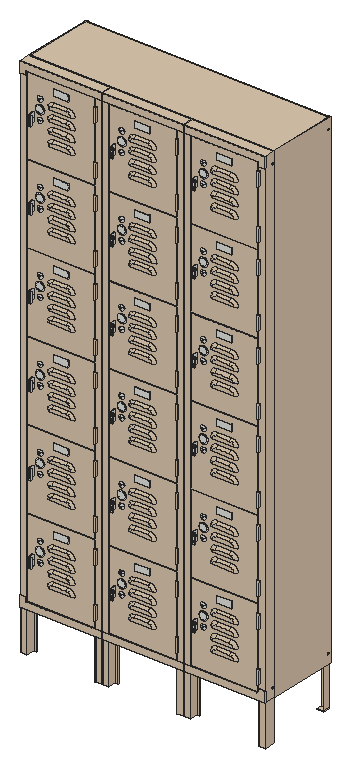
Revit family "Metal_Lockers-Salsbury_Industries-65000_66000_Series-3_Wide_Units", category Specialty Equipment, Revit 2023 (continued)
Nested families (in)
  nested 36: "Metal Locker Doors-12 inch with Latch Hasps" at (-0.01383, -5.555, 53.72076), type <- "Door Location D1", type "Six Tier Door - 6 foot"
  nested 37: "Metal Locker Doors-12 inch with Latch Hasps" at (-12.02717, -5.555, 53.72076), type <- "Door Location D1", type "Six Tier Door - 6 foot"
  nested 38: "Metal Locker Doors-12 inch with Latch Hasps" at (11.99976, -5.555, 65.37776), type <- "Door Location D1", visible <- "Top Row of Doors", type "Six Tier Door - 6 foot"
  nested 39: "Metal Locker Doors-12 inch with Latch Hasps" at (-0.01383, -5.555, 65.37776), type <- "Door Location D1", visible <- "Top Row of Doors", type "Six Tier Door - 6 foot"
  nested 40: "Metal Locker Doors-12 inch with Latch Hasps" at (-12.02717, -5.555, 65.37776), type <- "Door Location D1", visible <- "Top Row of Doors", type "Six Tier Door - 6 foot"
Definition of nested family "Metal Locker Legs - 3 Wide"
  Parameters (values of type "6" High - 45"W x 18"D")
    Width = 45.040"
    Visible = yes
    Version = "1.0 (11/30/15)"
    Type Comments = "Standard Metal Locker Legs"
    Primary Structure Material = none
    Model = "n/a"
    MasterFormat Title = ""
    MasterFormat Number = ""
    Manufacturer = "Salsbury Industries"
    Description = "45\"W x 6\" H x 18\"D"
    Depth = 18.010"
    Height = 6.000"
    Default Elevation = 0.000"
    Assembly Code = ""
  Types (6): name | Width | Visible | Type Comments | Description | Depth
    6" High - 36" W x 12" D | 36.040" | yes | "Standard Metal Locker Legs" | "36\"W x 6\" H x 12\"D" | 12.010"
    6" High - 36" W x 15" D | 36.040" | yes | "Standard Metal Locker Legs" | "36\"W x 6\" H x 15\"D" | 15.010"
    6" High - 36"W x 18"D | 36.040" | yes | "Standard Metal Locker Legs" | "36\"W x 6\" H x 18\"D" | 18.010"
    6" High - 45"W x 15"D | 45.040" | yes | "Standard Metal Locker Legs" | "45\"W x 6\" H x 15\"D" | 15.010"
    6" High - 45"W x 18"D | 45.040" | yes | "Standard Metal Locker Legs" | "45\"W x 6\" H x 18\"D" | 18.010"
    No Legs | 36.040" | no | "No Legs" | "" | 12.010"
  Reference planes (in)
    plane 1 "Center (Front/Back)": y = 0
    plane 2: z = 0
    plane 3 "Center (Left/Right)": x = 0
    plane 4 "Floor": z = 0
    plane 5 "Bottom of Unit": z = 6
    plane 6 "Left Side of Unit": x = -22.52
    plane 7 "Right Side of Unit": x = 22.52
    plane 8 "Back of Unit": y = 9.005
    plane 9 "Front of Unit": y = -9.005
    plane 10 "Right Side of Door Opening": x = 21.52
    plane 11 "Left Side of Door Opening": x = -21.52
    plane 12 "Top of back legs": z = 6.185
    plane 13 "Back Edge of Front Facing": y = -7.417
    plane 14 "Inside Edge of Front Leg": x = -21.08
    plane 15 "Inside Edge of Right Leg": x = 21.08
    plane 16: y = -7.82
    plane 17 "Back Edge of Rear Legs": y = 8.895
    plane 18 "Right Edge of Rear Right Leg": x = 22.4
    plane 19 "Left Edge or Rear Left Leg": x = -22.4
    plane 20: y = 7.895
    plane 21 "Inside Edge or Rear Right Leg": x = 21.4
    plane 22 "Inside Edge or Left Rear Leg": x = -21.4
    plane 23: x = 7.50667
    plane 24: x = -7.50667
  Forms (in)
    Extrusion 1, solid, material <- "Primary Structure Material", visible <- "Visible"
      sketch origin (0, 0, 0) x (0, -1, 0) y (1, 0, 0)
        loop
          line (7.417, 22.52) -> (7.417, 22.46) -> (8.945, 22.46) -> (8.945, 21.58) -> (7.76, 21.58) -> (7.76, 21.08) -> (7.82, 21.08) -> (7.82, 21.52) -> (9.005, 21.52) -> (9.005, 22.52) -> (7.417, 22.52)
      from 0 to 6
    Extrusion 2, solid, material <- "Primary Structure Material", visible <- "Visible"
      sketch origin (0, 0, 0) x (0, -1, 0) y (1, 0, 0)
        loop
          line (7.417, -22.52) -> (9.005, -22.52) -> (9.005, -21.52) -> (7.82, -21.52) -> (7.82, -21.08) -> (7.76, -21.08) -> (7.76, -21.58) -> (8.945, -21.58) -> (8.945, -22.46) -> (7.417, -22.46) -> (7.417, -22.52)
      from 0 to 6
    Extrusion 3, solid, material <- "Primary Structure Material", visible <- "Visible"
      sketch origin (0, 0, 0) x (0, -1, 0) y (1, 0, 0)
        loop
          line (-8.895, 22.4) -> (-8.895, 21.4) -> (-8.835, 21.4) -> (-8.835, 22.34) -> (-7.895, 22.34) -> (-7.895, 22.4) -> (-8.895, 22.4)
      from 0.06 to 6.185
    Extrusion 4, solid, material <- "Primary Structure Material", visible <- "Visible"
      sketch origin (0, 0, 0) x (0, -1, 0) y (1, 0, 0)
        loop
          line (-8.895, 22.4) -> (-8.895, 21.4) -> (-7.895, 21.4) -> (-7.895, 22.4) -> (-8.895, 22.4)
      from 0 to 0.06
    Extrusion 5, solid, material <- "Primary Structure Material", visible <- "Visible"
      sketch origin (0, 0, 0) x (0, -1, 0) y (1, 0, 0)
        loop
          line (-8.895, -22.4) -> (-7.895, -22.4) -> (-7.895, -22.34) -> (-8.835, -22.34) -> (-8.835, -21.4) -> (-8.895, -21.4) -> (-8.895, -22.4)
      from 0.06 to 6.185
    Extrusion 6, solid, material <- "Primary Structure Material", visible <- "Visible"
      sketch origin (0, 0, 0) x (0, -1, 0) y (1, 0, 0)
        loop
          line (-8.895, -22.4) -> (-7.895, -22.4) -> (-7.895, -21.4) -> (-8.895, -21.4) -> (-8.895, -22.4)
      from 0 to 0.06
    Extrusion 7, solid, material <- "Primary Structure Material", visible <- "Visible"
      sketch origin (12, 0, 0) x (0, -1, 0) y (1, 0, 0)
        loop
          line (7.417, -19.50667) -> (9.005, -19.50667) -> (9.005, -18.50667) -> (7.82, -18.50667) -> (7.82, -18.06667) -> (7.76, -18.06667) -> (7.76, -18.56667) -> (8.945, -18.56667) -> (8.945, -19.44667) -> (7.417, -19.44667) -> (7.417, -19.50667)
      from 0 to 6
    Extrusion 8, solid, material <- "Primary Structure Material", visible <- "Visible"
      sketch origin (24.04, 0, 0) x (0, -1, 0) y (1, 0, 0)
        loop
          line (7.417, -16.53333) -> (9.005, -16.53333) -> (9.005, -15.53333) -> (7.82, -15.53333) -> (7.82, -15.09333) -> (7.76, -15.09333) -> (7.76, -15.59333) -> (8.945, -15.59333) -> (8.945, -16.47333) -> (7.417, -16.47333) -> (7.417, -16.53333)
      from 0 to 6
    Extrusion 9, solid, material <- "Primary Structure Material", visible <- "Visible"
      sketch origin (-12, 0, 0) x (0, -1, 0) y (1, 0, 0)
        loop
          line (7.417, 19.50667) -> (7.417, 19.44667) -> (8.945, 19.44667) -> (8.945, 18.56667) -> (7.76, 18.56667) -> (7.76, 18.06667) -> (7.82, 18.06667) -> (7.82, 18.50667) -> (9.005, 18.50667) -> (9.005, 19.50667) -> (7.417, 19.50667)
      from 0 to 6
    Extrusion 10, solid, material <- "Primary Structure Material", visible <- "Visible"
      sketch origin (-24.04, 0, 0) x (0, -1, 0) y (1, 0, 0)
        loop
          line (7.417, 16.53333) -> (7.417, 16.47333) -> (8.945, 16.47333) -> (8.945, 15.59333) -> (7.76, 15.59333) -> (7.76, 15.09333) -> (7.82, 15.09333) -> (7.82, 15.53333) -> (9.005, 15.53333) -> (9.005, 16.53333) -> (7.417, 16.53333)
      from 0 to 6
  Dimensions and locks (in)
    equal spacing: plane 6 "Left Side of Unit", plane 3 "Center (Left/Right)", plane 7 "Right Side of Unit"
    "Width": plane 6 "Left Side of Unit" to plane 7 "Right Side of Unit"
    "Height": plane 5 "Bottom of Unit" to plane 4 "Floor"
    equal spacing: plane 9 "Front of Unit", plane 1 "Center (Front/Back)", plane 8 "Back of Unit"
    "Depth": plane 9 "Front of Unit" to plane 8 "Back of Unit"
    plane 12 "Top of back legs" to plane 5 "Bottom of Unit" = 0.185"
    plane 6 "Left Side of Unit" to plane 11 "Left Side of Door Opening" = 1.000"
    plane 10 "Right Side of Door Opening" to plane 7 "Right Side of Unit" = 1.000"
    locked: plane 9 "Front of Unit" to plane 13 "Back Edge of Front Facing" at 1.588
    plane 11 "Left Side of Door Opening" to plane 14 "Inside Edge of Front Leg" = 0.440"
    plane 15 "Inside Edge of Right Leg" to plane 10 "Right Side of Door Opening" = 0.440"
    plane 9 "Front of Unit" to plane 16 = 1.185"
    plane 15 "Inside Edge of Right Leg" to plane 21 "Inside Edge or Rear Right Leg" to plane 10 "Right Side of Door Opening" to plane 18 "Right Edge of Rear Right Leg" to plane 7 "Right Side of Unit" = 0.320", 0.120", 0.880", 0.120"
    plane 6 "Left Side of Unit" to plane 19 "Left Edge or Rear Left Leg" to plane 11 "Left Side of Door Opening" to plane 22 "Inside Edge or Left Rear Leg" to plane 14 "Inside Edge of Front Leg" = 0.120", 0.880", 0.120", 0.320"
    plane 20 to plane 17 "Back Edge of Rear Legs" to plane 8 "Back of Unit" = 1.000", 0.110"
    equal spacing: plane 6 "Left Side of Unit", plane 24, plane 23, plane 7 "Right Side of Unit"
    aligned and locked: level to plane 2
    aligned and locked: Extrusion 3 to Extrusion 4
    aligned and locked: Extrusion 6 to Extrusion 5
    aligned and locked: Extrusion 3 to plane 18 "Right Edge of Rear Right Leg"
    aligned and locked: Extrusion 3 to plane 17 "Back Edge of Rear Legs"
    aligned and locked: Extrusion 5 to plane 19 "Left Edge or Rear Left Leg"
    aligned and locked: plane 17 "Back Edge of Rear Legs" to Extrusion 5
    aligned and locked: plane 5 "Bottom of Unit" to Extrusion 2
    aligned and locked: Extrusion 1 to plane 5 "Bottom of Unit"
    aligned and locked: Extrusion 3 to plane 12 "Top of back legs"
    aligned and locked: plane 12 "Top of back legs" to Extrusion 5
  Automatic sketch dimensions
    plane 13 "Back Edge of Front Facing" to Extrusion 1 sketch curve = 0.000"
    Extrusion 1 sketch curve to plane 15 "Inside Edge of Right Leg" = 0.000"
    plane 16 to Extrusion 1 sketch curve = 0.000"
    Extrusion 1 sketch curve to plane 7 "Right Side of Unit" = 0.000"
    plane 9 "Front of Unit" to Extrusion 1 sketch curve = 0.000"
    Extrusion 1 sketch curve to plane 10 "Right Side of Door Opening" = 0.000"
    Extrusion 1 sketch curve to plane 16 = 0.060"
    Extrusion 1 sketch curve to plane 9 "Front of Unit" = 0.060"
    Extrusion 1 sketch curve to plane 10 "Right Side of Door Opening" = 0.060"
    plane 7 "Right Side of Unit" to Extrusion 1 sketch curve = 0.060"
    Extrusion 2 sketch curve to plane 13 "Back Edge of Front Facing" = 0.000"
    Extrusion 2 sketch curve to plane 14 "Inside Edge of Front Leg" = 0.000"
    Extrusion 2 sketch curve to plane 16 = 0.000"
    Extrusion 2 sketch curve to plane 6 "Left Side of Unit" = 0.000"
    Extrusion 2 sketch curve to plane 9 "Front of Unit" = 0.000"
    Extrusion 2 sketch curve to plane 11 "Left Side of Door Opening" = 0.000"
    plane 16 to Extrusion 2 sketch curve = 0.060"
    plane 9 "Front of Unit" to Extrusion 2 sketch curve = 0.060"
    Extrusion 2 sketch curve to plane 11 "Left Side of Door Opening" = 0.060"
    plane 6 "Left Side of Unit" to Extrusion 2 sketch curve = 0.060"
    plane 17 "Back Edge of Rear Legs" to Extrusion 3 sketch curve = 0.000"
    Extrusion 3 sketch curve to plane 21 "Inside Edge or Rear Right Leg" = 0.000"
    Extrusion 3 sketch curve to plane 18 "Right Edge of Rear Right Leg" = 0.000"
    plane 20 to Extrusion 3 sketch curve = 0.000"
    plane 17 "Back Edge of Rear Legs" to Extrusion 3 sketch curve = 0.060"
    plane 18 "Right Edge of Rear Right Leg" to Extrusion 3 sketch curve = 0.060"
    plane 17 "Back Edge of Rear Legs" to Extrusion 4 sketch curve = 0.000"
    Extrusion 4 sketch curve to plane 18 "Right Edge of Rear Right Leg" = 0.000"
    plane 20 to Extrusion 4 sketch curve = 0.000"
    Extrusion 4 sketch curve to plane 21 "Inside Edge or Rear Right Leg" = 0.000"
    Extrusion 5 sketch curve to plane 17 "Back Edge of Rear Legs" = 0.000"
    Extrusion 5 sketch curve to plane 22 "Inside Edge or Left Rear Leg" = 0.000"
    Extrusion 5 sketch curve to plane 19 "Left Edge or Rear Left Leg" = 0.000"
    Extrusion 5 sketch curve to plane 20 = 0.000"
    Extrusion 5 sketch curve to plane 17 "Back Edge of Rear Legs" = 0.060"
    Extrusion 5 sketch curve to plane 19 "Left Edge or Rear Left Leg" = 0.060"
    Extrusion 6 sketch curve to plane 17 "Back Edge of Rear Legs" = 0.000"
    Extrusion 6 sketch curve to plane 19 "Left Edge or Rear Left Leg" = 0.000"
    Extrusion 6 sketch curve to plane 20 = 0.000"
    Extrusion 6 sketch curve to plane 22 "Inside Edge or Left Rear Leg" = 0.000"
    plane 13 "Back Edge of Front Facing" to Extrusion 7 sketch curve = 0.000"
    plane 16 to Extrusion 7 sketch curve = 0.000"
    plane 9 "Front of Unit" to Extrusion 7 sketch curve = 0.000"
    Extrusion 7 sketch curve to plane 24 = 0.000"
    plane 16 to Extrusion 7 sketch curve = 0.060"
    plane 9 "Front of Unit" to Extrusion 7 sketch curve = 0.060"
    plane 24 to Extrusion 7 sketch curve = 0.060"
    plane 24 to Extrusion 7 sketch curve = 0.940"
    Extrusion 7 sketch curve to Extrusion 7 sketch curve = 0.060"
    Extrusion 7 sketch curve to Extrusion 7 sketch curve = 0.440"
    plane 13 "Back Edge of Front Facing" to Extrusion 8 sketch curve = 0.000"
    plane 16 to Extrusion 8 sketch curve = 0.000"
    plane 9 "Front of Unit" to Extrusion 8 sketch curve = 0.000"
    Extrusion 8 sketch curve to plane 23 = 0.000"
    plane 16 to Extrusion 8 sketch curve = 0.060"
    plane 9 "Front of Unit" to Extrusion 8 sketch curve = 0.060"
    plane 23 to Extrusion 8 sketch curve = 0.060"
    plane 23 to Extrusion 8 sketch curve = 0.940"
    Extrusion 8 sketch curve to Extrusion 8 sketch curve = 0.060"
    Extrusion 8 sketch curve to Extrusion 8 sketch curve = 0.440"
    plane 13 "Back Edge of Front Facing" to Extrusion 9 sketch curve = 0.000"
    plane 16 to Extrusion 9 sketch curve = 0.000"
    plane 9 "Front of Unit" to Extrusion 9 sketch curve = 0.000"
    Extrusion 9 sketch curve to plane 23 = 0.000"
    Extrusion 9 sketch curve to plane 16 = 0.060"
    Extrusion 9 sketch curve to plane 9 "Front of Unit" = 0.060"
    plane 23 to Extrusion 9 sketch curve = 0.060"
    plane 23 to Extrusion 9 sketch curve = 0.940"
    Extrusion 9 sketch curve to Extrusion 9 sketch curve = 0.060"
    Extrusion 9 sketch curve to Extrusion 9 sketch curve = 0.440"
    plane 13 "Back Edge of Front Facing" to Extrusion 10 sketch curve = 0.000"
    plane 16 to Extrusion 10 sketch curve = 0.000"
    plane 9 "Front of Unit" to Extrusion 10 sketch curve = 0.000"
    Extrusion 10 sketch curve to plane 24 = 0.000"
    Extrusion 10 sketch curve to plane 16 = 0.060"
    Extrusion 10 sketch curve to plane 9 "Front of Unit" = 0.060"
    plane 24 to Extrusion 10 sketch curve = 0.060"
    plane 24 to Extrusion 10 sketch curve = 0.940"
    Extrusion 10 sketch curve to Extrusion 10 sketch curve = 0.060"
    Extrusion 10 sketch curve to Extrusion 10 sketch curve = 0.440"
Definition of nested family "Metal Locker Doors-12 inch with Latch Hasps"
  Parameters (values of type "Six Tier Door - 6 foot")
    Width = 9.901"
    Visible = yes
    Primary Structure Material = none
    Louver Set Vertical Alignment = 2.731"
    Number Plate Alignment = 0.9375"
    Louver Width = 4.000"
    Hinge 2 Placement = 8.449"
    Hinge 1 Placement = 1.125"
    Height = 11.532"
    Hasp Plate Rivet Material = none
    Hasp Height = 1.438"
    Depth = 0.900"
    Default Elevation = 0.000"
  Types (4): name | Louver Set Vertical Alignment | Hinge 2 Placement | Height
    Four Tier Door - 6 foot | 5.710" | 14.142" | 17.360"
    Four Tier Door - 5 foot | 4.240" | 11.142" | 14.360"
    Five Tier Door - 5 foot | 2.826" | 8.188" | 11.463"
    Six Tier Door - 6 foot | 2.731" | 8.449" | 11.532"
  Reference planes (in)
    plane 1 "Center (Front/Back)": y = 0
    plane 2 "Bottom of Door": z = 0
    plane 3 "Center (Left/Right)": x = 0
    plane 4 "Center (Top/Bottom)": z = 5.766
    plane 5 "Top of Door": z = 11.532
    plane 6 "Right Side of Door": x = 4.9505
    plane 7 "Left Side of Door": x = -4.9505
    plane 8 "Front of Door": y = -0.45
    plane 9 "Back of Door": y = 0.45
    plane 10 "Top of Number Plate": z = 10.5945
    plane 11 "Top of Top Vent 1": z = 8.801
    plane 12 "Top of Top Vent 2": z = 7.176
    plane 13 "Top of Top Vent 3": z = 5.551
    plane 14 "Top of Top Vent 4": z = 3.926
    plane 15 "Top of Hasp Alignment": z = 6.485
    plane 16 "Bottom of Hasp Alignment": z = 5.047
    plane 17 "Left Side of Louvers": x = -2
    plane 18 "Right Side of Louvers": x = 2
    plane 19 "Front of Louvers": y = -0.6375
    plane 20: x = -1.094
    plane 21: x = 1.094
    plane 22: z = 9.5945
    plane 23 "Center Hasp": x = -1.7755
    plane 24 "Top of Hinge 2": z = 3.083
    plane 25 "Top of Hinge 1": z = 10.407
    plane 26 "Left Hasp Hole Align": x = -4.263
    plane 27 "Right Hasp Hole Align": x = -4.013
    plane 28 "Center Hasp Stud Align": z = 7.18441
    plane 29 "Top Hasp Stud Align": z = 8.60282
    plane 30 "Vertical Hasp Stud Align": x = -3.076
    plane 31: z = 7.801
    plane 32: z = 6.176
    plane 33: z = 4.551
    plane 34: z = 2.926
    plane 35 "Vertical Center Hasp Align": x = -4.13777
  Forms (in)
    Extrusion 1, solid, material <- "Primary Structure Material", visible <- "Visible"
      sketch origin (0, 0, 0) x (1, 0, 0) y (0, 0, 1)
        loop
          line (-4.9505, 11.532) -> (-4.9505, 0) -> (4.9505, 0) -> (4.9505, 11.532) -> (-4.9505, 11.532)
      from -0.45 to 0.45
    Extrusion 2, solid, material <- "Hasp Plate Rivet Material", visible <- "Visible", detail levels medium+fine
      sketch origin (0, -0.45, 0) x (1, 0, 0) y (0, 0, 1)
        loop
          arc (-1.06847, 10.55895) -> (-1.10166, 10.09621) -> (-1.06847, 9.63347) r 3.2426
          arc (-1.06847, 9.63347) -> (0, 9.59472) -> (1.06847, 9.63347) r 14.75
          arc (1.06847, 9.63347) -> (1.10166, 10.09621) -> (1.06847, 10.55895) r 3.2426
          arc (1.06847, 10.55895) -> (0, 10.59799) -> (-1.06847, 10.55895) r 14.63753
      from 0 to 0.03497
    Extrusion 3, void
      sketch origin (-1.7755, -0.13281, 0.04687) x (0, 0, -1) y (0, -1, 0)
        loop
          circle (-5.44277, -0.16411) r 0.2
      from -0.163 to 0.163
    Extrusion 4, solid, material <- "Primary Structure Material", visible <- "Visible", detail levels medium+fine
      sketch origin (0, 0, 10.407) x (0, -1, 0) y (1, 0, 0)
        loop
          line (0.45, 4.9505) -> (0.575, 4.9505)
          arc (0.575, 4.9505) -> (0.7, 5.0755) -> (0.575, 5.2005) r 0.125
          line (0.575, 5.2005) -> (0.45, 5.2005) -> (0.45, 4.9505)
      from 0 to -2
    Extrusion 5, solid, material <- "Primary Structure Material", visible <- "Visible", detail levels medium+fine
      sketch origin (0, 0, 3.083) x (0, -1, 0) y (1, 0, 0)
        loop
          line (0.45, 4.9505) -> (0.575, 4.9505)
          arc (0.575, 4.9505) -> (0.7, 5.0755) -> (0.575, 5.2005) r 0.125
          line (0.575, 5.2005) -> (0.45, 5.2005) -> (0.45, 4.9505)
      from 0 to -2
    Extrusion 6, void
      sketch origin (0, -0.45, 0) x (1, 0, 0) y (0, 0, 1)
        loop
          line (-4.263, 6.485) -> (-4.263, 5.047) -> (-4.013, 5.047) -> (-4.013, 6.485) -> (-4.263, 6.485)
      from -0.9 to 0
    Blend 7, solid, material <- "Primary Structure Material", visible <- "Visible"
      base sketch origin (0.875, -0.45, 0.208) x (1, 0, 0) y (0, 0, 1)
        loop
          line (-2.875, 7.593) -> (1.125, 7.593)
          arc (1.125, 7.593) -> (0.83211, 8.30011) -> (0.125, 8.593) r 1
          line (0.125, 8.593) -> (-1.875, 8.593)
          arc (-1.875, 8.593) -> (-2.58211, 8.30011) -> (-2.875, 7.593) r 1
      top sketch origin (0.875, -0.6375, 0.208) x (1, 0, 0) y (0, 0, 1)
        loop
          line (-2.44242, 7.593) -> (0.69242, 7.593)
          arc (0.69242, 7.593) -> (0.52766, 7.99075) -> (0.12992, 8.1555) r 0.5625
          line (0.12992, 8.1555) -> (-1.87992, 8.1555)
          arc (-1.87992, 8.1555) -> (-2.27766, 7.99075) -> (-2.44242, 7.593) r 0.5625
      from 0 to 0
    Blend 8, solid, material <- "Primary Structure Material", visible <- "Visible"
      base sketch origin (0.875, -0.45, 1.652) x (1, 0, 0) y (0, 0, 1)
        loop
          line (-2.875, 4.524) -> (1.125, 4.524)
          arc (1.125, 4.524) -> (0.83211, 5.23111) -> (0.125, 5.524) r 1
          line (0.125, 5.524) -> (-1.875, 5.524)
          arc (-1.875, 5.524) -> (-2.58211, 5.23111) -> (-2.875, 4.524) r 1
      top sketch origin (0.875, -0.6375, 1.652) x (1, 0, 0) y (0, 0, 1)
        loop
          line (-2.43346, 4.524) -> (0.68346, 4.524)
          arc (0.68346, 4.524) -> (0.52224, 4.91321) -> (0.13303, 5.07443) r 0.55043
          line (0.13303, 5.07443) -> (-1.88303, 5.07443)
          arc (-1.88303, 5.07443) -> (-2.27224, 4.91321) -> (-2.43346, 4.524) r 0.55043
      from 0 to 0
    Blend 9, solid, material <- "Primary Structure Material", visible <- "Visible"
      base sketch origin (0.875, -0.45, -3.042) x (1, 0, 0) y (0, 0, 1)
        loop
          line (-2.875, 7.593) -> (1.125, 7.593)
          arc (1.125, 7.593) -> (0.83211, 8.30011) -> (0.125, 8.593) r 1
          line (0.125, 8.593) -> (-1.875, 8.593)
          arc (-1.875, 8.593) -> (-2.58211, 8.30011) -> (-2.875, 7.593) r 1
      top sketch origin (0.875, -0.6375, -3.042) x (1, 0, 0) y (0, 0, 1)
        loop
          line (-2.44242, 7.593) -> (0.58842, 7.593)
          arc (0.58842, 7.593) -> (0.45412, 7.91721) -> (0.12992, 8.0515) r 0.4585
          line (0.12992, 8.0515) -> (-1.98392, 8.0515)
          arc (-1.98392, 8.0515) -> (-2.30812, 7.91721) -> (-2.44242, 7.593) r 0.4585
      from 0 to 0
    Blend 10, solid, material <- "Primary Structure Material", visible <- "Visible"
      base sketch origin (0.875, -0.45, -1.598) x (1, 0, 0) y (0, 0, 1)
        loop
          line (-2.875, 4.524) -> (1.125, 4.524)
          arc (1.125, 4.524) -> (0.83211, 5.23111) -> (0.125, 5.524) r 1
          line (0.125, 5.524) -> (-1.875, 5.524)
          arc (-1.875, 5.524) -> (-2.58211, 5.23111) -> (-2.875, 4.524) r 1
      top sketch origin (0.875, -0.6375, -1.598) x (1, 0, 0) y (0, 0, 1)
        loop
          line (-2.43234, 4.524) -> (0.68234, 4.524)
          arc (0.68234, 4.524) -> (0.52129, 4.9128) -> (0.13249, 5.07385) r 0.54985
          line (0.13249, 5.07385) -> (-1.88249, 5.07385)
          arc (-1.88249, 5.07385) -> (-2.27129, 4.9128) -> (-2.43234, 4.524) r 0.54985
      from 0 to 0
    Blend 11, solid, material <- "Hasp Plate Rivet Material", visible <- "Visible", detail levels medium+fine
      base sketch origin (0, -0.45, 0) x (1, 0, 0) y (0, 0, 1)
        loop
          circle (-3.076, 5.766) r 0.375
      top sketch origin (0, -0.45, 0) x (1, 0, 0) y (0, 0, 1)
        loop
          circle (-3.076, 5.766) r 0.09706
      from 0 to 0.03497
    Blend 12, solid, material <- "Hasp Plate Rivet Material", visible <- "Visible", detail levels medium+fine
      base sketch origin (0, -0.45, 2.83682) x (1, 0, 0) y (0, 0, 1)
        loop
          circle (-3.076, 5.766) r 0.375
      top sketch origin (0, -0.45, 2.83682) x (1, 0, 0) y (0, 0, 1)
        loop
          circle (-3.076, 5.766) r 0.09706
      from 0 to 0.03497
    Blend 13, solid, material <- "Hasp Plate Rivet Material", visible <- "Visible", detail levels medium+fine
      base sketch origin (0, -0.45, -0.16841) x (1, 0, 0) y (0, 0, 1)
        loop
          circle (-3.076, 7.35282) r 0.625
      top sketch origin (0, -0.45, -0.16841) x (1, 0, 0) y (0, 0, 1)
        loop
          circle (-3.076, 7.35282) r 0.58088
      from 0 to 0.03497
    Extrusion 14, solid, material <- "Hasp Plate Rivet Material", visible <- "Visible"
      sketch origin (0, 0, 5.047) x (0, -1, 0) y (1, 0, 0)
        loop
          line (-0.45, -4.07527) -> (-0.45, -4.13777) -> (1.2, -4.13777)
          arc (1.2, -4.13777) -> (1.24419, -4.11946) -> (1.2625, -4.07527) r 0.0625
          line (1.2625, -4.07527) -> (1.2625, -3.76277) -> (1.20579, -3.76277) -> (1.20579, -4.0127)
          arc (1.20579, -4.0127) -> (1.18746, -4.05694) -> (1.14322, -4.07527) r 0.06257
          line (1.14322, -4.07527) -> (-0.45, -4.07527)
      from 0 to 1.438
    Extrusion 15, solid, material <- "Hasp Plate Rivet Material", visible <- "Visible"
      sketch origin (0, 0, 5.047) x (0, -1, 0) y (1, 0, 0)
        loop
          line (-0.45, -4.20027) -> (1.2625, -4.20027) -> (1.2625, -4.13777) -> (-0.45, -4.13777) -> (-0.45, -4.20027)
      from 0 to 1.438
    Extrusion 16, void
      sketch origin (-4.013, 0, 0) x (0, 0, -1) y (0, -1, 0)
        loop
          circle (-5.766, 0.82219) r 0.375
      from 0 to 0.25
  Cuts and joins
    Extrusion 3, Extrusion 6 cuts Extrusion 1
    Extrusion 16 cuts Extrusion 14
    Extrusion 16 cuts Extrusion 15
  Lines and regions (in)
    symbolic lines
      curve 1: arc (-2, -0.45, 7.801) -> (-1.70711, -0.45, 8.50811) -> (-1, -0.45, 8.801) r 1
      curve 2: arc (2, -0.45, 7.801) -> (1.70711, -0.45, 8.50811) -> (1, -0.45, 8.801) r 1
      curve 3: arc (2, -0.45, 6.176) -> (1.70711, -0.45, 6.88311) -> (1, -0.45, 7.176) r 1
      curve 4: arc (-2, -0.45, 6.176) -> (-1.70711, -0.45, 6.88311) -> (-1, -0.45, 7.176) r 1
      curve 5: arc (2, -0.45, 4.551) -> (1.70711, -0.45, 5.25811) -> (1, -0.45, 5.551) r 1
      curve 6: arc (-2, -0.45, 4.551) -> (-1.70711, -0.45, 5.25811) -> (-1, -0.45, 5.551) r 1
      curve 7: arc (-2, -0.45, 2.926) -> (-1.70711, -0.45, 3.63311) -> (-1, -0.45, 3.926) r 1
      curve 8: arc (2, -0.45, 2.926) -> (1.70711, -0.45, 3.63311) -> (1, -0.45, 3.926) r 1
      curve 9: line (-2, -0.45, 2.926) -> (2, -0.45, 2.926)
      curve 10: line (1, -0.45, 3.926) -> (-1, -0.45, 3.926)
      curve 11: line (-2, -0.45, 4.551) -> (2, -0.45, 4.551)
      curve 12: line (1, -0.45, 5.551) -> (-1, -0.45, 5.551)
      curve 13: line (1, -0.45, 7.176) -> (-1, -0.45, 7.176)
      curve 14: line (-2, -0.45, 6.176) -> (2, -0.45, 6.176)
      curve 15: line (2, -0.45, 7.801) -> (-2, -0.45, 7.801)
      curve 16: line (1, -0.45, 8.801) -> (-1, -0.45, 8.801)
      curve 17: circle (-3.076, -0.45, 7.18441) r 0.625 normal (0, -1, 0)
      curve 18: circle (-3.076, -0.45, 8.60282) r 0.375 normal (0, -1, 0)
      curve 19: circle (-3.076, -0.45, 5.766) r 0.375 normal (0, -1, 0)
      curve 20: line (-4.263, -0.45, 6.485) -> (-3.76277, -0.45, 6.485)
      curve 21: line (-4.263, -0.45, 5.047) -> (-4.263, -0.45, 6.485)
      curve 22: line (-3.76277, -0.45, 5.047) -> (-4.263, -0.45, 5.047)
      curve 23: line (-3.76277, -0.45, 6.485) -> (-3.76277, -0.45, 5.047)
      curve 24: line (-4.20027, -0.44719, 5.047) -> (-4.20027, -1.2625, 5.047)
      curve 25: line (-4.20027, -1.2625, 5.047) -> (-3.76277, -1.2625, 5.047)
      curve 26: line (-3.76277, -1.2625, 5.047) -> (-3.76277, -1.20579, 5.047)
      curve 27: line (-3.76277, -1.20579, 5.047) -> (-4.0127, -1.20579, 5.047)
      curve 28: arc (-4.0127, -1.20579, 5.047) -> (-4.05694, -1.18746, 5.047) -> (-4.07527, -1.14322, 5.047) r 0.06257
      curve 29: line (-4.07527, -1.14322, 5.047) -> (-4.07527, -0.44719, 5.047)
      curve 30: line (-1.56742, -0.6375, 5.047) -> (-2, -0.45, 5.047)
      curve 31: line (1.55734, -0.6375, 5.047) -> (2.0161, -0.43865, 5.047)
      curve 32: line (1.55734, -0.6375, 5.047) -> (-1.56742, -0.6375, 5.047)
  Dimensions and locks (in)
    equal spacing: plane 5 "Top of Door", plane 4 "Center (Top/Bottom)", plane 2 "Bottom of Door"
    "Height": plane 5 "Top of Door" to plane 2 "Bottom of Door"
    equal spacing: plane 8 "Front of Door", plane 1 "Center (Front/Back)", plane 9 "Back of Door"
    "Depth": plane 8 "Front of Door" to plane 9 "Back of Door"
    equal spacing: plane 7 "Left Side of Door", plane 3 "Center (Left/Right)", plane 6 "Right Side of Door"
    "Width": plane 7 "Left Side of Door" to plane 6 "Right Side of Door"
    "Number Plate Alignment": plane 5 "Top of Door" to plane 10 "Top of Number Plate" to plane 22
    equal spacing: plane 17 "Left Side of Louvers", plane 3 "Center (Left/Right)", plane 18 "Right Side of Louvers"
    "Louver Width": plane 17 "Left Side of Louvers" to plane 18 "Right Side of Louvers"
    "Louver Set Vertical Alignment": plane 5 "Top of Door" to plane 11 "Top of Top Vent 1"
    plane 11 "Top of Top Vent 1" to plane 12 "Top of Top Vent 2" to plane 13 "Top of Top Vent 3" to plane 14 "Top of Top Vent 4" = 1.625", 1.625", 1.625"
    plane 29 "Top Hasp Stud Align" to plane 28 "Center Hasp Stud Align" to plane 15 "Top of Hasp Alignment" to plane 4 "Center (Top/Bottom)" to plane 16 "Bottom of Hasp Alignment" = 1.41841", 0.69941", 0.719", 0.719"
    "Hasp Height": plane 15 "Top of Hasp Alignment" to plane 16 "Bottom of Hasp Alignment"
    locked: plane 19 "Front of Louvers" to plane 8 "Front of Door" at 0.1875
    plane 20 to plane 3 "Center (Left/Right)" to plane 21 = 1.094" locked, 1.094" locked
    "Hinge 1 Placement": plane 5 "Top of Door" to plane 25 "Top of Hinge 1"
    "Hinge 2 Placement": plane 5 "Top of Door" to plane 24 "Top of Hinge 2"
    plane 7 "Left Side of Door" to plane 26 "Left Hasp Hole Align" to plane 27 "Right Hasp Hole Align" to plane 30 "Vertical Hasp Stud Align" = 0.6875" locked, 0.250" locked, 0.937" locked
    plane 11 "Top of Top Vent 1" to plane 31 = 1.000"
    plane 12 "Top of Top Vent 2" to plane 32 = 1.000"
    plane 13 "Top of Top Vent 3" to plane 33 = 1.000"
    plane 14 "Top of Top Vent 4" to plane 34 = 1.000"
    aligned and locked: level to plane 2 "Bottom of Door"
    aligned and locked: plane 5 "Top of Door" to Extrusion 1 sketch curve
    aligned and locked: Extrusion 1 sketch curve to plane 7 "Left Side of Door"
    aligned and locked: plane 2 "Bottom of Door" to Extrusion 1 sketch curve
    aligned and locked: plane 6 "Right Side of Door" to Extrusion 1 sketch curve
    aligned and locked: plane 15 "Top of Hasp Alignment" to Extrusion 6 sketch curve
    aligned and locked: Extrusion 6 sketch curve to plane 26 "Left Hasp Hole Align"
    aligned and locked: Extrusion 6 sketch curve to plane 16 "Bottom of Hasp Alignment"
    aligned and locked: plane 27 "Right Hasp Hole Align" to Extrusion 6 sketch curve
    aligned and locked: plane 11 "Top of Top Vent 1" to Blend 7
    aligned and locked: plane 12 "Top of Top Vent 2" to Blend 8
    aligned and locked: plane 13 "Top of Top Vent 3" to Blend 9
    aligned and locked: plane 14 "Top of Top Vent 4" to Blend 10
    aligned and locked: plane 31 to Blend 7
    aligned and locked: Blend 7 sketch curve to plane 11 "Top of Top Vent 1"
    aligned and locked: plane 31 to Blend 7 sketch curve  (x2)
    aligned and locked: Blend 8 sketch curve to plane 12 "Top of Top Vent 2"
    aligned and locked: plane 32 to Blend 8 sketch curve  (x2)
    aligned and locked: Blend 9 sketch curve to plane 13 "Top of Top Vent 3"
    aligned and locked: plane 33 to Blend 9 sketch curve  (x2)
    aligned and locked: Blend 10 sketch curve to plane 14 "Top of Top Vent 4"
    aligned and locked: plane 34 to Blend 10 sketch curve  (x2)
    aligned and locked: plane 29 "Top Hasp Stud Align" to Blend 12 sketch curve  (x2)
    aligned and locked: plane 4 "Center (Top/Bottom)" to Blend 11 sketch curve  (x2)
    aligned and locked: plane 28 "Center Hasp Stud Align" to Blend 13 sketch curve  (x2)
    aligned and locked: plane 35 "Vertical Center Hasp Align" to Extrusion 15 sketch curve
    aligned and locked: plane 35 "Vertical Center Hasp Align" to Extrusion 14 sketch curve
    aligned and locked: plane 4 "Center (Top/Bottom)" to Extrusion 16 sketch curve
    aligned and locked: curve 1 to Blend 7  (x2)
    aligned and locked: Blend 7 to curve 2  (x2)
    aligned and locked: curve 3 to Blend 8
    aligned and locked: Blend 8 to curve 3
    aligned and locked: curve 4 to Blend 8
    aligned and locked: curve 5 to Blend 9
    aligned and locked: Blend 9 to curve 5
    aligned and locked: Blend 9 to curve 6
    aligned and locked: curve 6 to Blend 9
    aligned and locked: curve 7 to Blend 10
    aligned and locked: curve 8 to Blend 10
    aligned and locked: curve 9 to Blend 10
    aligned and locked: curve 10 to Blend 10
    aligned and locked: curve 14 to Blend 8
    aligned and locked: curve 20 to cut or joined group of Extrusion 1, Extrusion 3, Extrusion 6
    aligned and locked: curve 21 to cut or joined group of Extrusion 1, Extrusion 3, Extrusion 6
    aligned and locked: curve 22 to cut or joined group of Extrusion 14, Extrusion 16
    aligned and locked: curve 23 to cut or joined group of Extrusion 14, Extrusion 16
    aligned and locked: curve 24 to cut or joined group of Extrusion 15, Extrusion 16
    aligned and locked: curve 25 to cut or joined group of Extrusion 15, Extrusion 16
    aligned and locked: curve 26 to cut or joined group of Extrusion 14, Extrusion 16
    aligned and locked: curve 27 to cut or joined group of Extrusion 14, Extrusion 16
    aligned and locked: curve 28 to cut or joined group of Extrusion 14, Extrusion 16
  Automatic sketch dimensions
    Extrusion 2 sketch curve to plane 3 "Center (Left/Right)" = 0.000"  (x2)
    plane 17 "Left Side of Louvers" to Extrusion 2 sketch curve = 0.14094"
    Extrusion 2 sketch curve to plane 18 "Right Side of Louvers" = 0.14094"
    Extrusion 2 sketch curve to level = 4.03954"
    plane 25 "Top of Hinge 1" to Extrusion 2 sketch curve = 0.31079"  (x2)
    Extrusion 2 sketch curve to plane 5 "Top of Door" = 12.81272"
    Extrusion 2 sketch curve to plane 20 = 0.02553"  (x2)
    plane 21 to Extrusion 2 sketch curve = 0.02553"
    Extrusion 2 sketch curve to plane 22 = 0.03897"
    plane 13 "Top of Top Vent 3" to Extrusion 3 sketch curve = 0.06135"
    Extrusion 3 sketch curve to plane 1 "Center (Front/Back)" = 0.0313"
    Extrusion 4 sketch curve to plane 6 "Right Side of Door" = 0.000"
    plane 8 "Front of Door" to Extrusion 4 sketch curve = 0.000"
    Extrusion 4 sketch curve to plane 19 "Front of Louvers" = 0.0625"
    Extrusion 4 sketch curve to plane 6 "Right Side of Door" = 0.125"
    Extrusion 5 sketch curve to plane 6 "Right Side of Door" = 0.000"
    plane 8 "Front of Door" to Extrusion 5 sketch curve = 0.000"
    Extrusion 5 sketch curve to plane 19 "Front of Louvers" = 0.0625"
    Extrusion 5 sketch curve to plane 6 "Right Side of Door" = 0.125"
    plane 17 "Left Side of Louvers" to Blend 7 sketch curve = 0.000"
    plane 18 "Right Side of Louvers" to Blend 7 sketch curve = 0.000"
    Blend 7 sketch curve to plane 23 "Center Hasp" = 0.20808"
    Blend 7 sketch curve to plane 20 = 0.08908"
    plane 21 to Blend 7 sketch curve = 0.08908"
    plane 17 "Left Side of Louvers" to Blend 8 sketch curve = 0.000"
    plane 18 "Right Side of Louvers" to Blend 8 sketch curve = 0.000"
    Blend 8 sketch curve to plane 23 "Center Hasp" = 0.21704"
    Blend 8 sketch curve to plane 20 = 0.08597"
    plane 21 to Blend 8 sketch curve = 0.08597"
    plane 17 "Left Side of Louvers" to Blend 9 sketch curve = 0.000"
    plane 18 "Right Side of Louvers" to Blend 9 sketch curve = 0.000"
    Blend 9 sketch curve to plane 23 "Center Hasp" = 0.20808"
    plane 16 "Bottom of Hasp Alignment" to Blend 9 sketch curve = 0.0375"
    plane 21 to Blend 9 sketch curve = 0.08908"
    plane 17 "Left Side of Louvers" to Blend 10 sketch curve = 0.000"
    plane 18 "Right Side of Louvers" to Blend 10 sketch curve = 0.000"
    Blend 10 sketch curve to plane 23 "Center Hasp" = 0.21816"
    Blend 10 sketch curve to plane 20 = 0.08651"
    plane 21 to Blend 10 sketch curve = 0.08651"
    plane 30 "Vertical Hasp Stud Align" to Blend 11 sketch curve = 0.000"  (x2)
    plane 30 "Vertical Hasp Stud Align" to Blend 12 sketch curve = 0.000"  (x2)
    plane 30 "Vertical Hasp Stud Align" to Blend 13 sketch curve = 0.000"  (x2)
    Extrusion 14 sketch curve to plane 1 "Center (Front/Back)" = 0.450"
    plane 27 "Right Hasp Hole Align" to Extrusion 14 sketch curve = 0.06227"
    Extrusion 14 sketch curve to plane 27 "Right Hasp Hole Align" = 0.0003"
    plane 19 "Front of Louvers" to Extrusion 14 sketch curve = 0.50572"
    Extrusion 14 sketch curve to Extrusion 14 sketch curve = 0.05678"
    Extrusion 14 sketch curve to Extrusion 14 sketch curve = 0.24993"
    plane 9 "Back of Door" to Extrusion 15 sketch curve = 0.000"
    plane 19 "Front of Louvers" to Extrusion 15 sketch curve = 0.625"
    Extrusion 15 sketch curve to plane 26 "Left Hasp Hole Align" = 0.06273"
    Extrusion 14 sketch curve to Extrusion 14 sketch curve = 0.06257"
    plane 19 "Front of Louvers" to Extrusion 16 sketch curve = 0.18469"
    curve 19 to plane 4 "Center (Top/Bottom)" = 0.000"
    plane 30 "Vertical Hasp Stud Align" to curve 19 = 0.000"
    curve 17 to plane 28 "Center Hasp Stud Align" = 0.000"
    plane 30 "Vertical Hasp Stud Align" to curve 17 = 0.000"
    curve 18 to plane 29 "Top Hasp Stud Align" = 0.000"
    plane 30 "Vertical Hasp Stud Align" to curve 18 = 0.000"
    plane 17 "Left Side of Louvers" to curve 11 = 0.000"
    plane 17 "Left Side of Louvers" to curve 4 = 0.000"
    plane 17 "Left Side of Louvers" to curve 9 = 0.000"
    plane 17 "Left Side of Louvers" to curve 15 = 0.000"
    plane 18 "Right Side of Louvers" to curve 8 = 0.000"
    plane 18 "Right Side of Louvers" to curve 3 = 0.000"
    plane 18 "Right Side of Louvers" to curve 15 = 0.000"
    plane 18 "Right Side of Louvers" to curve 11 = 0.000"
    plane 8 "Front of Door" to curve 30 = 0.000"
    plane 19 "Front of Louvers" to curve 30 = 0.000"
    curve 30 to plane 17 "Left Side of Louvers" = 0.000"
    curve 29 to curve 27 = 0.06257"
    curve 24 to plane 8 "Front of Door" = 0.00281"
    curve 29 to plane 8 "Front of Door" = 0.00281"
    curve 31 to plane 8 "Front of Door" = 0.01135"
    curve 30 to plane 23 "Center Hasp" = 0.20808"
    plane 18 "Right Side of Louvers" to curve 32 = 0.44266"
    curve 31 to plane 18 "Right Side of Louvers" = 0.0161"
    radius of Extrusion 3 sketch curve = 0.200"
    radius of Blend 11 sketch curve = 0.375"
    radius of Blend 11 sketch curve = 0.09706"
    radius of Blend 12 sketch curve = 0.375"
    radius of Blend 12 sketch curve = 0.09706"
    radius of Blend 13 sketch curve = 0.625"
    radius of Blend 13 sketch curve = 0.58088"
    radius of Extrusion 16 sketch curve = 0.375"
    radius of curve 17 = 0.625"
    radius of curve 18 = 0.375"
    radius of curve 19 = 0.375"
Definition of nested family "Metal Locker Front Base"
  Parameters (values of type "77742 - for 12" W Lockers with Legs")
    Width = 10.040"
    Visible [instance] = yes
    Version = "1.0 (11/30/15)"
    Type Comments = "Front Base for Standard Metal Lockers"
    Primary Structure Material = none
    Model = "77742"
    MasterFormat Title = ""
    MasterFormat Number = ""
    Manufacturer = "Salsbury Industries"
    Description = "Front Base for 12\" Wide Lockers"
    Depth = 1.185"
    Height = 6.000"
    Default Elevation = 0.000"
    Assembly Code = ""
  Types (3): name | Width | Visible | Model | Description
    77742 - for 12" W Lockers with Legs | 10.040" | yes | "77742" | "Front Base for 12\" Wide Lockers"
    77745 - for 15" W Lockers with Legs | 13.040" | yes | "77745" | "Front Base for 15\" Wide Lockers"
    None | 10.040" | no | "77742" | "Front Base for 12\" Wide Lockers"
  Reference planes (in)
    plane 1 "Center (Front/Back)": y = -5.417
    plane 2: z = 0
    plane 3 "Center (Left/Right)": x = 0
    plane 4 "Floor": z = 0
    plane 5 "Top of Enclosure": z = 6
    plane 6 "Front of Enclosure": y = -6.005
    plane 7 "Right Side of Enclosure": x = 5.02
    plane 8 "Left Side of Enclosure": x = -5.02
    plane 9 "Back of Enclosure": y = -4.82
  Forms (in)
    Extrusion 1, solid, material <- "Primary Structure Material", visible <- "Visible"
      sketch origin (0, -6.005, 0) x (1, 0, 0) y (0, 0, 1)
        loop
          line (-5.02, 6) -> (-5.02, 0) -> (5.02, 0) -> (5.02, 6) -> (-5.02, 6)
      from -0.06 to 0
    Extrusion 2, solid, material <- "Primary Structure Material", visible <- "Visible"
      sketch origin (0, 0, 0) x (0, 1, 0) y (0, 0, 1)
        loop
          line (-5.945, 6) -> (-5.945, 5.94) -> (-4.82, 5.94) -> (-4.82, 6) -> (-5.945, 6)
      from -5.02 to 5.02
    Extrusion 3, solid, material <- "Primary Structure Material", visible <- "Visible"
      sketch origin (5.02, 0, 0) x (0, 0, -1) y (0, -1, 0)
        loop
          line (-5.75, 5.945) -> (-5.75, 4.82) -> (-0.25, 4.82) -> (-0.25, 5.945) -> (-5.75, 5.945)
      from 0 to 0.06
    Extrusion 4, solid, material <- "Primary Structure Material", visible <- "Visible"
      sketch origin (-5.02, 0, 0) x (0, 0, -1) y (0, -1, 0)
        loop
          line (-5.75, 5.945) -> (-5.75, 4.82) -> (-0.25, 4.82) -> (-0.25, 5.945) -> (-5.75, 5.945)
      from 0 to -0.06
  Dimensions and locks (in)
    "Height": plane 5 "Top of Enclosure" to plane 4 "Floor"
    plane 6 "Front of Enclosure" to plane 1 "Center (Front/Back)" = 0.588"
    "Depth": plane 6 "Front of Enclosure" to plane 9 "Back of Enclosure"
    equal spacing: plane 8 "Left Side of Enclosure", plane 3 "Center (Left/Right)", plane 7 "Right Side of Enclosure"
    "Width": plane 8 "Left Side of Enclosure" to plane 7 "Right Side of Enclosure"
    aligned and locked: level to plane 2
    aligned and locked: plane 8 "Left Side of Enclosure" to Extrusion 2
    aligned and locked: Extrusion 2 to plane 7 "Right Side of Enclosure"
    aligned and locked: Extrusion 1 to plane 7 "Right Side of Enclosure"
  Automatic sketch dimensions
    Extrusion 1 sketch curve to Extrusion 1 sketch curve = 10.040"
    Extrusion 1 sketch curve to Extrusion 1 sketch curve = 6.000"
    Extrusion 2 sketch curve to Extrusion 2 sketch curve = 1.125"
    Extrusion 2 sketch curve to Extrusion 2 sketch curve = 0.060"
    Extrusion 3 sketch curve to Extrusion 3 sketch curve = 5.500"
    Extrusion 3 sketch curve to Extrusion 3 sketch curve = 1.125"
    Extrusion 4 sketch curve to Extrusion 4 sketch curve = 5.500"
    Extrusion 4 sketch curve to Extrusion 4 sketch curve = 1.125"
    Extrusion 1 sketch curve to level = 0.000"
    plane 8 "Left Side of Enclosure" to Extrusion 1 sketch curve = 0.000"
    plane 5 "Top of Enclosure" to Extrusion 2 sketch curve = 0.000"
    Extrusion 2 sketch curve to plane 9 "Back of Enclosure" = 0.000"
    Extrusion 3 sketch curve to plane 9 "Back of Enclosure" = 0.000"
    plane 5 "Top of Enclosure" to Extrusion 3 sketch curve = 0.250"
    Extrusion 4 sketch curve to plane 9 "Back of Enclosure" = 0.000"
    plane 5 "Top of Enclosure" to Extrusion 4 sketch curve = 0.250"
Definition of nested family "Metal Locker Right Side Base"
  Parameters (values of type "77732 Right - for 12" D Lockers with Legs")
    Width including Rivet [instance] = 1.290"
    Visible = yes
    Primary Structure Material = none
    Depth = 10.422"
    Version = "1.0 (11/30/15)"
    Type Comments = "End Base for Standard Metal Lockers"
    Model = "77732"
    MasterFormat Title = ""
    MasterFormat Number = ""
    Manufacturer = "Salsbury Industries"
    Description = "1.25\"W x 6\" H x 10\"D"
    Width = 1.250"
    Height = 6.000"
    Default Elevation = 0.000"
    Assembly Code = ""
  Types (4): name | Visible | Depth | Model | Description
    77732 Right - for 12" D Lockers with Legs | yes | 10.422" | "77732" | "1.25\"W x 6\" H x 10\"D"
    77735 Right - for 15" D Lockers with Legs | yes | 13.422" | "77735" | "1.25\"W x 6\" H x 13\"D"
    77738 Right - for 18" D Lockers with Legs | yes | 16.422" | "77738" | "1.25\"W x 6\" H x 16\"D"
    None | no | 10.422" | "" | ""
  Reference planes (in)
    plane 1 "Center (Front/Back)": y = 0
    plane 2: z = 0
    plane 3 "Center (Left/Right)": x = 5.395
    plane 4 "Floor": z = 0
    plane 5 "Top of Enclosure": z = 6
    plane 6 "Left Side of Unit": x = 4.77
    plane 7 "Right Side of Unit": x = 6.02
    plane 8 "Left Edge of Enclosure": y = -5.211
    plane 9 "Right Edge of Enclosure": y = 5.211
    plane 10 "Left Edge of Insert": y = -6.27647
    plane 11 "Right Edge of Insert": y = -5.15147
    plane 12 "Rivet Edge": x = 6.06
  Forms (in)
    Extrusion 1, solid, material <- "Primary Structure Material", visible <- "Visible"
      sketch origin (6.02, 0, 0) x (0, 0, -1) y (0, -1, 0)
        loop
          line (-6, 5.211) -> (-6, -5.211) -> (0, -5.211) -> (0, 5.211) -> (-6, 5.211)
      from 0 to 0.06
    Extrusion 2, solid, material <- "Primary Structure Material", visible <- "Visible"
      sketch origin (0, 0, 6) x (0, -1, 0) y (1, 0, 0)
        loop
          line (5.15147, 5.96) -> (5.15147, 5.9) -> (6.27647, 5.9) -> (6.27647, 5.96) -> (5.15147, 5.96)
      from -6 to 0
    Extrusion 3, solid, material <- "Primary Structure Material", visible <- "Visible"
      sketch origin (6.02, 0, 0) x (0, 0, -1) y (0, -1, 0)
        loop
          line (-6, 4.90147) -> (-6, -3.961) -> (-5.94, -3.961) -> (-5.94, 4.90147) -> (-6, 4.90147)
      from 0.06 to 1.25
    Extrusion 4, solid, material <- "Primary Structure Material", visible <- "Visible"
      sketch origin (6.02, 0, -5.94) x (0, 0, -1) y (0, -1, 0)
        loop
          line (-6, 4.90147) -> (-6, -3.961) -> (-5.94, -3.961) -> (-5.94, 4.90147) -> (-6, 4.90147)
      from 0.06 to 1.25
  Dimensions and locks (in)
    "Height": plane 5 "Top of Enclosure" to plane 4 "Floor"
    plane 10 "Left Edge of Insert" to plane 8 "Left Edge of Enclosure" to plane 11 "Right Edge of Insert" = 1.06547" locked, 0.05953" locked
    equal spacing: plane 8 "Left Edge of Enclosure", plane 1 "Center (Front/Back)", plane 9 "Right Edge of Enclosure"
    "Depth": plane 8 "Left Edge of Enclosure" to plane 9 "Right Edge of Enclosure"
    equal spacing: plane 6 "Left Side of Unit", plane 3 "Center (Left/Right)", plane 7 "Right Side of Unit"
    "Width": plane 6 "Left Side of Unit" to plane 7 "Right Side of Unit"
    locked: plane 7 "Right Side of Unit" to plane 12 "Rivet Edge" at 0.04
    "Width including Rivet": plane 6 "Left Side of Unit" to plane 12 "Rivet Edge"
    aligned and locked: level to plane 2
    aligned and locked: plane 11 "Right Edge of Insert" to Extrusion 2
    aligned and locked: plane 10 "Left Edge of Insert" to Extrusion 2
    aligned and locked: Extrusion 3 to Extrusion 1
    aligned and locked: plane 6 "Left Side of Unit" to Extrusion 3
  Automatic sketch dimensions
    plane 5 "Top of Enclosure" to Extrusion 1 sketch curve = 0.000"
    Extrusion 1 sketch curve to level = 0.000"
    Extrusion 2 sketch curve to plane 8 "Left Edge of Enclosure" = 0.05953"
    plane 7 "Right Side of Unit" to Extrusion 2 sketch curve = 0.120"
    Extrusion 2 sketch curve to Extrusion 2 sketch curve = 0.060"
    Extrusion 1 sketch curve to plane 8 "Left Edge of Enclosure" = 0.000"
    Extrusion 1 sketch curve to plane 9 "Right Edge of Enclosure" = 0.000"
    plane 10 "Left Edge of Insert" to Extrusion 2 sketch curve = 0.000"
    plane 5 "Top of Enclosure" to Extrusion 3 sketch curve = 0.000"
    Extrusion 3 sketch curve to Extrusion 3 sketch curve = 0.060"
    plane 9 "Right Edge of Enclosure" to Extrusion 3 sketch curve = 1.250"
    Extrusion 3 sketch curve to plane 11 "Right Edge of Insert" = 0.250"
    Extrusion 4 sketch curve to level = 0.000"
    level to Extrusion 4 sketch curve = 0.060"
    plane 9 "Right Edge of Enclosure" to Extrusion 4 sketch curve = 1.250"
    Extrusion 4 sketch curve to plane 11 "Right Edge of Insert" = 0.250"
Definition of nested family "Metal Locker Left Side Base"
  Parameters (values of type "77732 Left - for 12" D Lockers with Legs")
    Width including Rivet [instance] = 1.290"
    Visible = yes
    Primary Structure Material = none
    Depth = 10.422"
    Version = "1.0 (11/30/15)"
    Type Comments = "End Base for Standard Metal Lockers"
    Model = "77732"
    MasterFormat Title = ""
    MasterFormat Number = ""
    Manufacturer = "Salsbury Industries"
    Description = "1.25\"W x 6\" H x 10\"D"
    Width = 1.250"
    Height = 6.000"
    Default Elevation = 0.000"
    Assembly Code = ""
  Types (4): name | Visible | Depth | Model | Description
    77732 Left - for 12" D Lockers with Legs | yes | 10.422" | "77732" | "1.25\"W x 6\" H x 10\"D"
    77735 Left - for 15" D Lockers with Legs | yes | 13.422" | "77735" | "1.25\"W x 6\" H x 13\"D"
    77738 Left - for 18" D Lockers with Legs | yes | 16.422" | "77738" | "1.25\"W x 6\" H x 16\"D"
    None | no | 10.422" | "" | ""
  Reference planes (in)
    plane 1 "Center (Front/Back)": y = 0
    plane 2: z = 0
    plane 3 "Center (Left/Right)": x = 5.395
    plane 4 "Floor": z = 0
    plane 5 "Top of Enclosure": z = 6
    plane 6 "Left Side of Unit": x = 4.77
    plane 7 "Right Side of Unit": x = 6.02
    plane 8 "Left Edge of Enclosure": y = -5.211
    plane 9 "Right Edge of Enclosure": y = 5.211
    plane 10 "Left Edge of Insert": y = -6.27647
    plane 11 "Right Edge of Insert": y = -5.15147
    plane 12 "Edge of Rivet": x = 4.73
  Forms (in)
    Extrusion 1, solid, material <- "Primary Structure Material", visible <- "Visible"
      sketch origin (6.02, 0, 0) x (0, 0, -1) y (0, -1, 0)
        loop
          line (-6, 4.90147) -> (-6, -3.961) -> (-5.94, -3.961) -> (-5.94, 4.90147) -> (-6, 4.90147)
      from 0 to 1.19
    Extrusion 2, solid, material <- "Primary Structure Material", visible <- "Visible"
      sketch origin (6.02, 0, -5.94) x (0, 0, -1) y (0, -1, 0)
        loop
          line (-6, 4.90147) -> (-6, -3.961) -> (-5.94, -3.961) -> (-5.94, 4.90147) -> (-6, 4.90147)
      from 0 to 1.19
    Extrusion 3, solid, material <- "Primary Structure Material", visible <- "Visible"
      sketch origin (4.77, 0, 0) x (0, 0, -1) y (0, 1, 0)
        loop
          line (-6, -5.211) -> (0, -5.211) -> (0, 5.211) -> (-6, 5.211) -> (-6, -5.211)
      from 0 to 0.06
    Extrusion 4, solid, material <- "Primary Structure Material", visible <- "Visible"
      sketch origin (10.79, 0, 6) x (0, -1, 0) y (1, 0, 0)
        loop
          line (5.15147, -5.96) -> (6.27647, -5.96) -> (6.27647, -5.9) -> (5.15147, -5.9) -> (5.15147, -5.96)
      from -6 to 0
  Dimensions and locks (in)
    "Height": plane 5 "Top of Enclosure" to plane 4 "Floor"
    plane 10 "Left Edge of Insert" to plane 8 "Left Edge of Enclosure" to plane 11 "Right Edge of Insert" = 1.06547" locked, 0.05953" locked
    equal spacing: plane 8 "Left Edge of Enclosure", plane 1 "Center (Front/Back)", plane 9 "Right Edge of Enclosure"
    "Depth": plane 8 "Left Edge of Enclosure" to plane 9 "Right Edge of Enclosure"
    equal spacing: plane 6 "Left Side of Unit", plane 3 "Center (Left/Right)", plane 7 "Right Side of Unit"
    "Width": plane 6 "Left Side of Unit" to plane 7 "Right Side of Unit"
    "Width including Rivet": plane 12 "Edge of Rivet" to plane 7 "Right Side of Unit"
    plane 12 "Edge of Rivet" to plane 6 "Left Side of Unit" = 0.040"
    aligned and locked: level to plane 2
    aligned and locked: Extrusion 1 to Extrusion 3
    aligned and locked: Extrusion 2 to Extrusion 3
  Automatic sketch dimensions
    plane 5 "Top of Enclosure" to Extrusion 1 sketch curve = 0.000"
    Extrusion 1 sketch curve to Extrusion 1 sketch curve = 0.060"
    plane 9 "Right Edge of Enclosure" to Extrusion 1 sketch curve = 1.250"
    Extrusion 1 sketch curve to plane 11 "Right Edge of Insert" = 0.250"
    Extrusion 2 sketch curve to level = 0.000"
    level to Extrusion 2 sketch curve = 0.060"
    plane 9 "Right Edge of Enclosure" to Extrusion 2 sketch curve = 1.250"
    Extrusion 2 sketch curve to plane 11 "Right Edge of Insert" = 0.250"
    plane 5 "Top of Enclosure" to Extrusion 3 sketch curve = 0.000"
    Extrusion 3 sketch curve to level = 0.000"
    Extrusion 3 sketch curve to plane 8 "Left Edge of Enclosure" = 0.000"
    Extrusion 3 sketch curve to plane 9 "Right Edge of Enclosure" = 0.000"
    plane 11 "Right Edge of Insert" to Extrusion 4 sketch curve = 0.000"
    plane 10 "Left Edge of Insert" to Extrusion 4 sketch curve = 0.000"
    plane 6 "Left Side of Unit" to Extrusion 4 sketch curve = 0.120"
    Extrusion 4 sketch curve to Extrusion 4 sketch curve = 0.060"
Definition of nested family "Metal Locker Zee Base - 3 Wide"
  Parameters (values of type "77572- 36" W x 12" D")
    Width = 36.040"
    Visible = yes
    Version = "1.0 (11/30/15)"
    Type Comments = "Zee Base Kit for Standard Metal Lockers - No Legs"
    Primary Structure Material = none
    Model = "77572"
    MasterFormat Title = ""
    MasterFormat Number = ""
    Manufacturer = "Salsbury Industries"
    Description = "4\" H x 6' L - for 12\" Deep Lockers (Includes 6 Foot Front Base, 2 End Bases, Corner Splicer and 4 Rear Legs)"
    Depth = 12.010"
    Height = 4.000"
    Default Elevation = 0.000"
    Assembly Code = ""
  Types (6): name | Width | Visible | Model | Depth
    77572- 36" W x 12" D | 36.040" | yes | "77572" | 12.010"
    77575 - 36" W x 15" D | 36.040" | yes | "77575" | 15.010"
    77578 - 36"W x 18"D | 36.040" | yes | "77578" | 18.010"
    77575 - 45"W x 15"D | 45.040" | yes | "77575" | 15.010"
    77578 - 45"W x 18"D | 45.040" | yes | "77578" | 18.010"
    None | 36.040" | no | "77572" | 12.010"
  Reference planes (in)
    plane 1 "Center (Front/Back)": y = 0
    plane 2: z = 0
    plane 3 "Center (Left/Right)": x = 0
    plane 4 "Floor": z = 0
    plane 5 "Bottom of Unit": z = 4
    plane 6 "Left Side of Unit": x = -18.02
    plane 7 "Right Side of Unit": x = 18.02
    plane 8 "Back of Unit": y = 6.005
    plane 9 "Front of Unit": y = -6.005
    plane 10 "Right Side of Door Opening": x = 17.02
    plane 11 "Left Side of Door Opening": x = -17.02
    plane 12 "Top of back legs": z = 4.185
    plane 13 "Back Edge of Front Facing": y = -4.417
    plane 14 "Inside Edge of Front Leg": x = -16.58
    plane 15 "Inside Edge of Right Leg": x = 16.58
    plane 16: y = -4.82
    plane 17 "Back Edge of Rear Legs": y = 5.895
    plane 18 "Right Edge of Rear Right Leg": x = 17.9
    plane 19 "Left Edge or Rear Left Leg": x = -17.9
    plane 20: y = 4.895
    plane 21 "Inside Edge or Rear Right Leg": x = 16.9
    plane 22 "Inside Edge or Left Rear Leg": x = -16.9
  Forms (in)
    Extrusion 1, solid, material <- "Primary Structure Material", visible <- "Visible"
      sketch origin (0, 0, 0) x (0, -1, 0) y (1, 0, 0)
        loop
          line (-5.895, 17.9) -> (-5.895, 16.9) -> (-5.835, 16.9) -> (-5.835, 17.84) -> (-4.895, 17.84) -> (-4.895, 17.9) -> (-5.895, 17.9)
      from 0.06 to 4.185
    Extrusion 2, solid, material <- "Primary Structure Material", visible <- "Visible"
      sketch origin (0, 0, 0) x (0, -1, 0) y (1, 0, 0)
        loop
          line (-5.895, 17.9) -> (-5.895, 16.9) -> (-4.895, 16.9) -> (-4.895, 17.9) -> (-5.895, 17.9)
      from 0 to 0.06
    Extrusion 3, solid, material <- "Primary Structure Material", visible <- "Visible"
      sketch origin (0, 0, 0) x (0, -1, 0) y (1, 0, 0)
        loop
          line (-5.895, -17.9) -> (-4.895, -17.9) -> (-4.895, -17.84) -> (-5.835, -17.84) -> (-5.835, -16.9) -> (-5.895, -16.9) -> (-5.895, -17.9)
      from 0.06 to 4.185
    Extrusion 4, solid, material <- "Primary Structure Material", visible <- "Visible"
      sketch origin (0, 0, 0) x (0, -1, 0) y (1, 0, 0)
        loop
          line (-5.895, -17.9) -> (-4.895, -17.9) -> (-4.895, -16.9) -> (-5.895, -16.9) -> (-5.895, -17.9)
      from 0 to 0.06
    Extrusion 5, solid, material <- "Primary Structure Material", visible <- "Visible"
      sketch origin (0, 0, 0) x (0, 1, 0) y (0, 0, 1)
        loop
          line (-6.005, 4) -> (-6.005, 3.94) -> (-4.417, 3.94) -> (-4.417, 0) -> (-2.769, 0) -> (-2.769, 0.06) -> (-4.357, 0.06) -> (-4.357, 4) -> (-6.005, 4)
      from -18.02 to 18.02
  Dimensions and locks (in)
    equal spacing: plane 6 "Left Side of Unit", plane 3 "Center (Left/Right)", plane 7 "Right Side of Unit"
    "Width": plane 6 "Left Side of Unit" to plane 7 "Right Side of Unit"
    "Height": plane 5 "Bottom of Unit" to plane 4 "Floor"
    equal spacing: plane 9 "Front of Unit", plane 1 "Center (Front/Back)", plane 8 "Back of Unit"
    "Depth": plane 9 "Front of Unit" to plane 8 "Back of Unit"
    plane 12 "Top of back legs" to plane 5 "Bottom of Unit" = 0.185"
    plane 6 "Left Side of Unit" to plane 11 "Left Side of Door Opening" = 1.000"
    plane 10 "Right Side of Door Opening" to plane 7 "Right Side of Unit" = 1.000"
    locked: plane 9 "Front of Unit" to plane 13 "Back Edge of Front Facing" at 1.588
    plane 11 "Left Side of Door Opening" to plane 14 "Inside Edge of Front Leg" = 0.440"
    plane 15 "Inside Edge of Right Leg" to plane 10 "Right Side of Door Opening" = 0.440"
    plane 9 "Front of Unit" to plane 16 = 1.185"
    plane 15 "Inside Edge of Right Leg" to plane 21 "Inside Edge or Rear Right Leg" to plane 10 "Right Side of Door Opening" to plane 18 "Right Edge of Rear Right Leg" to plane 7 "Right Side of Unit" = 0.320", 0.120", 0.880", 0.120"
    plane 6 "Left Side of Unit" to plane 19 "Left Edge or Rear Left Leg" to plane 11 "Left Side of Door Opening" to plane 22 "Inside Edge or Left Rear Leg" to plane 14 "Inside Edge of Front Leg" = 0.120", 0.880", 0.120", 0.320"
    plane 20 to plane 17 "Back Edge of Rear Legs" to plane 8 "Back of Unit" = 1.000", 0.110"
    aligned and locked: level to plane 2
    aligned and locked: Extrusion 1 to Extrusion 2
    aligned and locked: Extrusion 4 to Extrusion 3
    aligned and locked: Extrusion 1 to plane 18 "Right Edge of Rear Right Leg"
    aligned and locked: Extrusion 1 to plane 17 "Back Edge of Rear Legs"
    aligned and locked: Extrusion 3 to plane 19 "Left Edge or Rear Left Leg"
    aligned and locked: plane 17 "Back Edge of Rear Legs" to Extrusion 3
    aligned and locked: Extrusion 1 to plane 12 "Top of back legs"
    aligned and locked: plane 12 "Top of back legs" to Extrusion 3
    aligned and locked: Extrusion 5 to plane 7 "Right Side of Unit"
    aligned and locked: plane 6 "Left Side of Unit" to Extrusion 5
  Automatic sketch dimensions
    plane 17 "Back Edge of Rear Legs" to Extrusion 1 sketch curve = 0.000"
    Extrusion 1 sketch curve to plane 21 "Inside Edge or Rear Right Leg" = 0.000"
    Extrusion 1 sketch curve to plane 18 "Right Edge of Rear Right Leg" = 0.000"
    plane 20 to Extrusion 1 sketch curve = 0.000"
    plane 17 "Back Edge of Rear Legs" to Extrusion 1 sketch curve = 0.060"
    plane 18 "Right Edge of Rear Right Leg" to Extrusion 1 sketch curve = 0.060"
    plane 17 "Back Edge of Rear Legs" to Extrusion 2 sketch curve = 0.000"
    Extrusion 2 sketch curve to plane 18 "Right Edge of Rear Right Leg" = 0.000"
    plane 20 to Extrusion 2 sketch curve = 0.000"
    Extrusion 2 sketch curve to plane 21 "Inside Edge or Rear Right Leg" = 0.000"
    plane 17 "Back Edge of Rear Legs" to Extrusion 3 sketch curve = 0.000"
    Extrusion 3 sketch curve to plane 22 "Inside Edge or Left Rear Leg" = 0.000"
    Extrusion 3 sketch curve to plane 19 "Left Edge or Rear Left Leg" = 0.000"
    plane 20 to Extrusion 3 sketch curve = 0.000"
